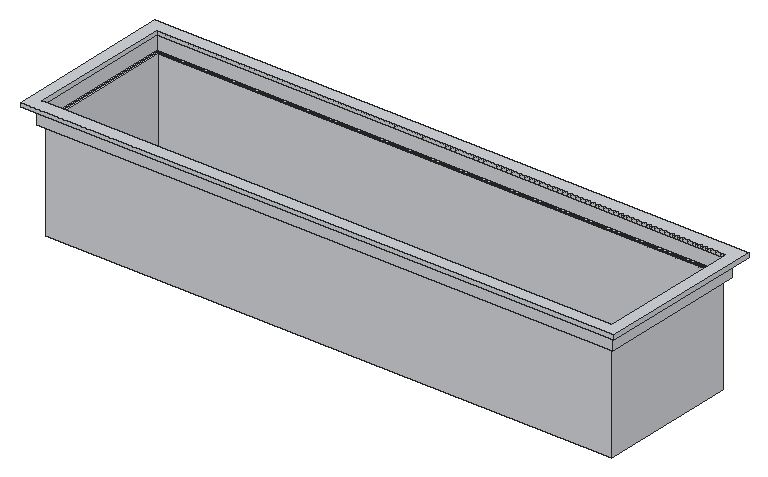
Revit family "Gira_289900", category Electrical Fixtures, host Face, Revit 2017
Family settings
  Host = Face
  Maintain Annotation Orientation = No
  Round Connector Dimension = Use Diameter
  Part Type = Normal
  Cut with Voids When Loaded = No
  Shared = No
  Room Calculation Point = No
Parameters (values of type "DB 4-g flat Gira E22")
  URL = "http://katalog.gira.de/en/datenblatt.html?artikelnr=289900"
  Shape = "Rectangular"
  Name = "DB 4-g flat Gira E22"
  Mounting switching equipment = "Screwing"
  Model = "Other"
  Manufacturer URL = "https://www.gira.de/"
  Manufacturer = "Gira"
  Keynote = ""
  HeinzeBIM = "https://bimportal.heinze.de/bim/db-4-g-flat-gira-e22/b12f489da75b163397fe934a27b80a94c746e742"
  HAN = "289900"
  GTIN = "4010337066545"
  Equipped with = "None"
  Description = "DB 4g flat E22,Gira E2, Gira E22 device box for flat installation,,4-gang,Features:,- With the aid of the Gira device box and cover frame for flat installation, the Gira E2 and Gira E22 design lines can be installed flat on the wall.,- For flush-mounted installation in brickwork, the device box is inserted into an flush-mounted installation box, which is then placed in the wall.,,Notes :,- The device box has no cable retainer."
  Default Elevation = 1219.2 mm
  Data sheet (1) = "https://katalog.gira.de/en/download.html?artikelnr=289900"
  Construction type = "Built-in installation box (device box)"
  Category = "Box/housing for built-in mounting in the wall/ceiling"
  BIM (1) = "https://media.stage.bim.site/public/gira/36a6b08/E22flach_Gerätedose_4fach.rfa?public/gira/36a6b08/E22flach_Gerätedose_4fach.rfa"
  Available = "No"
Reference planes
  plane 1 "Center (Front/Back)": y = 0
  plane 2: z = 0
  plane 3 "Center (Left/Right)": x = 0
Forms (mm)
  Extrusion 1, solid, detail levels fine
    sketch origin (0, 0, 0) x (1, 0, 0) y (0, 1, 0)
      loop
        line (-148.7, -42) -> (148.7, -42) -> (148.7, 42) -> (-148.7, 42) -> (-148.7, -42)
      loop
        line (-142.857, 35.857) -> (-142.857, -35.957) -> (142.857, -35.957) -> (142.857, 35.857) -> (-142.857, 35.857)
    from -1 to 1
  Extrusion 2, solid, detail levels fine
    sketch origin (0, 0, 0) x (1, 0, 0) y (0, 1, 0)
      loop
        line (-144.2, 37.2) -> (-144.2, -37.2) -> (144.2, -37.2) -> (144.2, 37.2) -> (-144.2, 37.2)
      loop
        line (-142.857, 35.857) -> (-142.857, -35.857) -> (142.857, -35.857) -> (142.857, 35.857) -> (-142.857, 35.857)
    from -9.5 to 0
  Extrusion 3, solid, detail levels fine
    sketch origin (0, 0, 0) x (1, 0, 0) y (0, 1, 0)
      loop
        line (141.65, 34.75) -> (-141.65, 34.75) -> (-141.65, -34.75) -> (141.65, -34.75) -> (141.65, 34.75)
      loop
        line (-140.201, 33.301) -> (-140.201, -33.301) -> (140.201, -33.301) -> (140.201, 33.301) -> (-140.201, 33.301)
    from -59.5 to -7.5
  Extrusion 4, solid, detail levels fine
    sketch origin (0, 0, 0) x (1, 0, 0) y (0, 1, 0)
      loop
        line (-140.201, 33.301) -> (-140.201, -33.301) -> (140.201, -33.301) -> (140.201, 33.301) -> (-140.201, 33.301)
    from -59.5 to -57.5
  Extrusion 5, solid, detail levels fine
    sketch origin (0, 0, 0) x (1, 0, 0) y (0, 1, 0)
      loop
        line (-141.65, -34.75) -> (141.65, -34.75) -> (141.65, 34.75) -> (-141.65, 34.75) -> (-141.65, -34.75)
      loop
        line (-142.857, -35.857) -> (142.857, -35.857) -> (142.857, 35.857) -> (-142.857, 35.857) -> (-142.857, -35.857)
    from -9.5 to -7.5
  Extrusion 6, solid, detail levels coarse
    sketch origin (0, 0, 0) x (1, 0, 0) y (0, 1, 0)
      loop
        line (-148.7, -42) -> (148.7, -42) -> (148.7, 42) -> (-148.7, 42) -> (-148.7, -42)
    from -59.5 to 1
  Extrusion 7, solid, detail levels medium
    sketch origin (4.676, 0, 0) x (1, 0, 0) y (0, 1, 0)
      loop
        line (-153.376, -42) -> (144.024, -42) -> (144.024, 42) -> (-153.376, 42) -> (-153.376, -42)
    from -1 to 1
  Extrusion 8, solid, detail levels medium
    sketch origin (0, 0, 0) x (1, 0, 0) y (0, 1, 0)
      loop
        line (141.65, 34.75) -> (-141.65, 34.75) -> (-141.65, -34.75) -> (141.65, -34.75) -> (141.65, 34.75)
    from -59.5 to -9.5
  Extrusion 9, solid, detail levels medium
    sketch origin (0, 0, 0) x (1, 0, 0) y (0, 1, 0)
      loop
        line (-144.2, 37.2) -> (-144.2, -37.2) -> (144.2, -37.2) -> (144.2, 37.2) -> (-144.2, 37.2)
    from -9.5 to 0
Dimensions and locks
  aligned and locked: plane 2 to host face
  aligned and locked: level to host face
